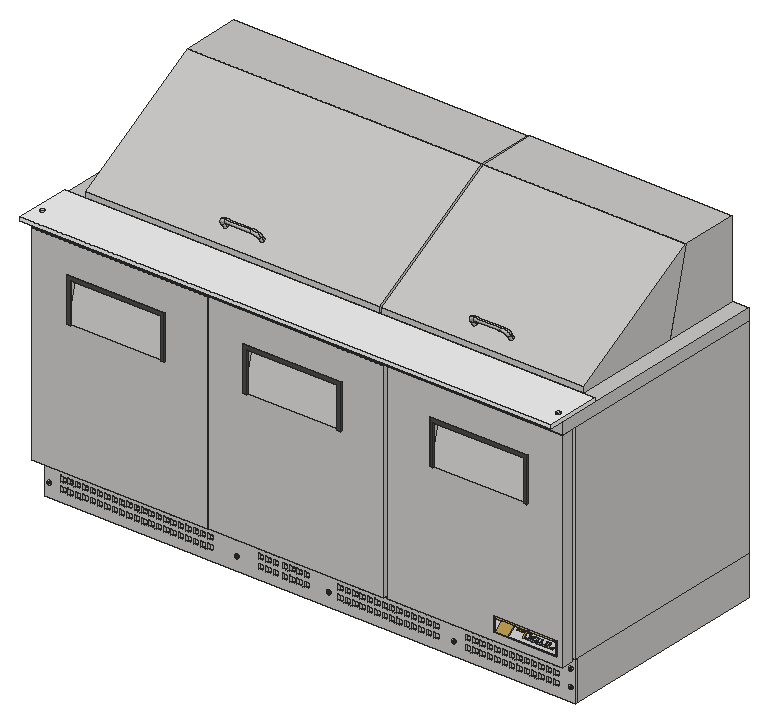
Revit family (continued)
Forms (in)
  Extrusion 65, solid, material "QF_Finishes_Handrails and Railings"
    sketch origin (89.2652, 8.85654, -2.47972) x (0, 1, 0) y (0, 0, -1)
      loop
        line (-29.85761, -5.24546) -> (-27.1095, -5.24546) -> (-27.1095, -5.04886) -> (-29.85761, -5.04886) -> (-29.85761, -5.24546)
    from 49.10625 to 50.45625
  Extrusion 66, solid, material "QF_Finishes_Handrails and Railings"
    sketch origin (41.48395, 10.51279, -2.21999) x (0, 1, 0) y (0, 0, -1)
      loop
        line (-31.51386, -4.98574) -> (-28.76575, -4.98574) -> (-28.76575, -3.40024)
        arc (-28.76575, -3.40024) -> (-29.21858, -2.8289) -> (-29.89421, -3.10275) r 0.60806
        line (-29.89421, -3.10275) -> (-31.17057, -4.78914) -> (-31.51386, -4.78914) -> (-31.51386, -4.98574)
    from 1.175 to 1.325
  Extrusion 67, solid, material "QF_Finishes_Handrails and Railings"
    sketch origin (37.48395, 10.51279, -2.21999) x (0, 1, 0) y (0, 0, 1)
      loop
        line (-31.51386, 4.98574) -> (-31.51386, 4.78914) -> (-31.17057, 4.78914) -> (-29.89421, 3.10275)
        arc (-29.89421, 3.10275) -> (-29.21858, 2.8289) -> (-28.76575, 3.40024) r 0.60806
        line (-28.76575, 3.40024) -> (-28.76575, 4.98574) -> (-31.51386, 4.98574)
    from 1.175 to 1.325
  Revolve 68, solid, material "QF_Finishes_Black"
    sketch origin (30.76401, -42.04829, 0.25) x (1, 0, 0) y (0, 0, 1)
      loop
        line (2.62908, 2.14592) -> (2.525, 2.25) -> (1.475, 2.25) -> (1.375, 2.15) -> (1.375, 1.10871) -> (1.05969, 1.10871) -> (1.05969, 1) -> (2.94031, 1) -> (2.94031, 1.10871) -> (2.62908, 1.10871) -> (2.62908, 2.14592)
      axis (2.94031, 1) -> (1.05969, 1)
    angle from 0 to 360
  Revolve 69, solid, material "QF_Finishes_Chrome - Satin"
    sketch origin (30.76605, -42.79776, -2.97972) x (1, 0, 0) y (0, 0, 1)
      loop
        line (2, 5.74546) -> (2, 5.97972) -> (0.70293, 5.97972) -> (0.70293, 5.74546) -> (2, 5.74546)
      axis (2, 5.74546) -> (2, 5.97972)
    angle from 0 to 360
  Extrusion 70, solid, material "QF_Finishes_Handrails and Railings"
    sketch origin (-17.0152, -14.33096, -2.47972) x (0, 1, 0) y (0, 0, 1)
      loop
        line (-29.85761, 5.24546) -> (-29.85761, 5.04886) -> (-27.1095, 5.04886) -> (-27.1095, 5.24546) -> (-29.85761, 5.24546)
    from 49.10625 to 50.45625
  Extrusion 71, solid, material "QF_Finishes_Handrails and Railings"
    sketch origin (30.76605, -12.67471, -2.21999) x (0, 1, 0) y (0, 0, 1)
      loop
        line (-31.51386, 4.98574) -> (-31.51386, 4.78914) -> (-31.17057, 4.78914) -> (-29.89421, 3.10275)
        arc (-29.89421, 3.10275) -> (-29.21858, 2.8289) -> (-28.76575, 3.40024) r 0.60806
        line (-28.76575, 3.40024) -> (-28.76575, 4.98574) -> (-31.51386, 4.98574)
    from 1.175 to 1.325
  Extrusion 72, solid, material "QF_Finishes_Handrails and Railings"
    sketch origin (34.76605, -12.67471, -2.21999) x (0, 1, 0) y (0, 0, -1)
      loop
        line (-31.51386, -4.98574) -> (-28.76575, -4.98574) -> (-28.76575, -3.40024)
        arc (-28.76575, -3.40024) -> (-29.21858, -2.8289) -> (-29.89421, -3.10275) r 0.60806
        line (-29.89421, -3.10275) -> (-31.17057, -4.78914) -> (-31.51386, -4.78914) -> (-31.51386, -4.98574)
    from 1.175 to 1.325
  Revolve 73, solid, material "QF_Finishes_Black"
    sketch origin (30.76401, -18.86079, 0.25) x (1, 0, 0) y (0, 0, 1)
      loop
        line (2.62908, 2.14592) -> (2.525, 2.25) -> (1.475, 2.25) -> (1.375, 2.15) -> (1.375, 1.10871) -> (1.05969, 1.10871) -> (1.05969, 1) -> (2.94031, 1) -> (2.94031, 1.10871) -> (2.62908, 1.10871) -> (2.62908, 2.14592)
      axis (2.94031, 1) -> (1.05969, 1)
    angle from 0 to 360
  Revolve 74, solid, material "QF_Finishes_Chrome - Satin"
    sketch origin (30.76605, -19.61026, -2.97972) x (1, 0, 0) y (0, 0, 1)
      loop
        line (2, 5.74546) -> (2, 5.97972) -> (0.70293, 5.97972) -> (0.70293, 5.74546) -> (2, 5.74546)
      axis (2, 5.74546) -> (2, 5.97972)
    angle from 0 to 360
  Extrusion 75, solid, material "QF_Finishes_Handrails and Railings"
    sketch origin (-17.0152, 8.85654, -2.47972) x (0, 1, 0) y (0, 0, 1)
      loop
        line (-29.85761, 5.24546) -> (-29.85761, 5.04886) -> (-27.1095, 5.04886) -> (-27.1095, 5.24546) -> (-29.85761, 5.24546)
    from 49.10625 to 50.45625
  Extrusion 76, solid, material "QF_Finishes_Handrails and Railings"
    sketch origin (30.76605, 10.51279, -2.21999) x (0, 1, 0) y (0, 0, 1)
      loop
        line (-31.51386, 4.98574) -> (-31.51386, 4.78914) -> (-31.17057, 4.78914) -> (-29.89421, 3.10275)
        arc (-29.89421, 3.10275) -> (-29.21858, 2.8289) -> (-28.76575, 3.40024) r 0.60806
        line (-28.76575, 3.40024) -> (-28.76575, 4.98574) -> (-31.51386, 4.98574)
    from 1.175 to 1.325
  Extrusion 77, solid, material "QF_Finishes_Handrails and Railings"
    sketch origin (34.76605, 10.51279, -2.21999) x (0, 1, 0) y (0, 0, -1)
      loop
        line (-31.51386, -4.98574) -> (-28.76575, -4.98574) -> (-28.76575, -3.40024)
        arc (-28.76575, -3.40024) -> (-29.21858, -2.8289) -> (-29.89421, -3.10275) r 0.60806
        line (-29.89421, -3.10275) -> (-31.17057, -4.78914) -> (-31.51386, -4.78914) -> (-31.51386, -4.98574)
    from 1.175 to 1.325
Cuts and joins
  joined: Extrusion 4, Extrusion 5
Lines and regions (in)
  symbolic lines
    curve 1: line (0, -16.5, 0) -> (72.125, -16.5, 0)
    curve 2: line (0, -50.03125, 0) -> (0, -16.5, 0)
    curve 3: line (72.125, -50.03125, 0) -> (0, -50.03125, 0)
    curve 4: line (72.125, -16.5, 0) -> (72.125, -50.03125, 0)
    curve 5: line (72.125, -42.53125, 0) -> (0, -42.53125, 0)
    curve 6: line (2.31237, -41.71875, 0) -> (69.875, -41.71875, 0)
    curve 7: line (2.31237, -16.5, 0) -> (2.31237, -41.71875, 0)
    curve 8: line (69.875, -41.71875, 0) -> (69.875, -16.5, 0)
    curve 9: line (69.875, -24.34375, 0) -> (2.31237, -24.34375, 0)
    curve 10: line (19.93557, -39.73092, 0) -> (19.93557, -40.15076, 0)
    curve 11: line (20.32059, -40.29072, 0) -> (24.03934, -40.29072, 0)
    curve 12: arc (19.93557, -40.15076, 0) -> (20.11576, -40.25465, 0) -> (20.32059, -40.29072, 0) r 0.59956
    curve 13: arc (24.42435, -40.15076, 0) -> (24.24417, -40.25465, 0) -> (24.03934, -40.29072, 0) r 0.59956
    curve 14: line (24.42435, -39.73092, 0) -> (24.42435, -40.15076, 0)
    curve 15: arc (24.42435, -39.73092, 0) -> (24.67408, -39.52766, 0) -> (24.92382, -39.73092, 0) r 0.25505
    curve 16: arc (19.93557, -39.73092, 0) -> (19.68584, -39.52766, 0) -> (19.43611, -39.73092, 0) r 0.25505
    curve 17: line (19.43611, -39.73092, 0) -> (19.43611, -40.16593, 0)
    curve 18: arc (19.43611, -40.16593, 0) -> (19.49713, -40.40944, 0) -> (19.66576, -40.59539, 0) r 0.51637
    curve 19: arc (19.66576, -40.59539, 0) -> (19.99938, -40.74999, 0) -> (20.36422, -40.79567, 0) r 1.19313
    curve 20: line (20.36422, -40.79567, 0) -> (24.06766, -40.79567, 0)
    curve 21: line (24.92382, -39.73092, 0) -> (24.92382, -40.16593, 0)
    curve 22: arc (24.92382, -40.16593, 0) -> (24.8628, -40.40944, 0) -> (24.69416, -40.59539, 0) r 0.51637
    curve 23: arc (24.69416, -40.59539, 0) -> (24.39498, -40.73955, 0) -> (24.06766, -40.79567, 0) r 1.19313
    curve 24: circle (1, -47.5255, 0) r 0.25 normal (0, 0, 1)
    curve 43: line (58.24439, -39.75557, 0) -> (58.24439, -40.17542, 0)
    curve 44: line (57.85938, -40.31537, 0) -> (54.14063, -40.31537, 0)
    curve 45: arc (58.24439, -40.17542, 0) -> (58.06421, -40.2793, 0) -> (57.85938, -40.31537, 0) r 0.59956
    curve 46: arc (53.75561, -40.17542, 0) -> (53.93579, -40.2793, 0) -> (54.14063, -40.31537, 0) r 0.59956
    curve 47: line (53.75561, -39.75557, 0) -> (53.75561, -40.17542, 0)
    curve 48: arc (53.75561, -39.75557, 0) -> (53.50588, -39.55231, 0) -> (53.25614, -39.75557, 0) r 0.25505
    curve 49: arc (58.24439, -39.75557, 0) -> (58.49412, -39.55231, 0) -> (58.74386, -39.75557, 0) r 0.25505
    curve 50: line (58.74386, -39.75557, 0) -> (58.74386, -40.19059, 0)
    curve 51: arc (58.74386, -40.19059, 0) -> (58.68284, -40.43409, 0) -> (58.5142, -40.62004, 0) r 0.51637
    curve 52: arc (58.5142, -40.62004, 0) -> (58.18059, -40.77465, 0) -> (57.81574, -40.82032, 0) r 1.19313
    curve 53: line (57.81574, -40.82032, 0) -> (54.1123, -40.82032, 0)
    curve 54: line (53.25614, -39.75557, 0) -> (53.25614, -40.19059, 0)
    curve 55: arc (53.25614, -40.19059, 0) -> (53.31716, -40.43409, 0) -> (53.4858, -40.62004, 0) r 0.51637
    curve 56: arc (53.4858, -40.62004, 0) -> (53.78498, -40.76421, 0) -> (54.1123, -40.82032, 0) r 1.19313
    curve 57: line (42.1875, -16.5, 0) -> (42.1875, -41.71875, 0)
  symbolic lines, style "SpecialityEquipmentHiddenLines"
    curve 25: line (3.93527, -17.51233, 0) -> (4.85647, -18.04419, 0)
    curve 26: line (2.68527, -19.67739, 0) -> (3.93527, -17.51233, 0)
    curve 27: line (3.60647, -20.20925, 0) -> (2.68527, -19.67739, 0)
    curve 28: line (4.85647, -18.04419, 0) -> (3.60647, -20.20925, 0)
    curve 29: line (68.77817, -17.51233, 0) -> (69.69937, -18.04419, 0)
    curve 30: line (67.52817, -19.67739, 0) -> (68.77817, -17.51233, 0)
    curve 31: line (68.44937, -20.20925, 0) -> (67.52817, -19.67739, 0)
    curve 32: line (69.69937, -18.04419, 0) -> (68.44937, -20.20925, 0)
    curve 33: line (3.93527, -40.69983, 0) -> (4.85647, -41.23169, 0)
    curve 34: line (2.68527, -42.86489, 0) -> (3.93527, -40.69983, 0)
    curve 35: line (3.60647, -43.39675, 0) -> (2.68527, -42.86489, 0)
    curve 36: line (4.85647, -41.23169, 0) -> (3.60647, -43.39675, 0)
    curve 37: line (68.77817, -40.69983, 0) -> (69.69937, -41.23169, 0)
    curve 38: line (67.52817, -42.86489, 0) -> (68.77817, -40.69983, 0)
    curve 39: line (68.44937, -43.39675, 0) -> (67.52817, -42.86489, 0)
    curve 40: line (69.69937, -41.23169, 0) -> (68.44937, -43.39675, 0)
  symbolic lines, style "QF-Door Swings", detail levels coarse
    curve 41: line (72.125, -50.03125, 0) -> (51.3659, -62.01652, 0)
    curve 42: arc (48.21111, -50.03125, 0) -> (49.22026, -56.17346, 0) -> (51.3659, -62.01652, 0) r 32.96875
    curve 58: line (0.125, -50.03125, 0) -> (20.8841, -62.01652, 0)
    curve 59: arc (24.03889, -50.03125, 0) -> (23.02974, -56.17346, 0) -> (20.8841, -62.01652, 0) r 32.96875
    curve 60: line (24.125, -50.03125, 0) -> (44.8841, -62.01652, 0)
    curve 61: arc (48.03889, -50.03125, 0) -> (47.02974, -56.17346, 0) -> (44.8841, -62.01652, 0) r 32.96875
Dimensions and locks (in)
  plane 3 "LEFT" to plane 4 "RIGHT" = 72 1/8"
  plane 4 "RIGHT" to plane 3 "LEFT" = 72 1/8"  (x2)
  plane 6 "TOP" to level = 46 1/2"
  plane 5 "FRONT" to plane 1 "BACK" = 33 17/32"  (x2)
  Extrusion 1 to Extrusion 1 = 39 31/32"
  Extrusion 2 to plane 1 "BACK" = 7 27/32"
  Extrusion 2 to plane 1 "BACK" = 10 11/16"
  Extrusion 2 to plane 1 "BACK" = 25 7/32"
  plane 6 "TOP" to Extrusion 3 = 10 1/2"
  cut or joined group of Extrusion 4, Extrusion 5 to Extrusion 3 = 33"
  cut or joined group of Extrusion 4, Extrusion 5 to level = 3/4"
  plane 3 "LEFT" to Extrusion 2 = 2 7/32"
  Extrusion 25 to Extrusion 25 = 27 1/2"
  plane 4 "RIGHT" to Extrusion 26 = 2 3/16"
  plane 9 to plane 3 "LEFT" = 72 1/8"
  plane 11 to Extrusion 44 = 22 1/2"
  aligned and locked: level to plane 2
  aligned and locked: Extrusion 1 to Extrusion 2
  aligned and locked: Extrusion 2 to Extrusion 1
  aligned and locked: plane 4 "RIGHT" to Extrusion 3
  aligned: cut or joined group of Extrusion 4, Extrusion 5 to cut or joined group of Extrusion 4, Extrusion 5
  aligned and locked: Extrusion 10 to Extrusion 11  (x4)
  aligned and locked: Extrusion 1 sketch curve to Extrusion 2
  aligned and locked: Extrusion 14 to Revolve 13
  aligned and locked: Revolve 13 to Revolve 13
  aligned and locked: Extrusion 19 to Revolve 18
  aligned and locked: Revolve 18 to Revolve 18
  aligned and locked: Extrusion 25 to Extrusion 26
  aligned and locked: Extrusion 26 to Extrusion 25
  aligned: Extrusion 28 to Extrusion 30  (x2)
  aligned and locked: Extrusion 26 to Extrusion 25 sketch curve
  aligned and locked: Extrusion 35 to Revolve 34
  aligned and locked: Revolve 34 to Revolve 34
  aligned and locked: Extrusion 40 to Revolve 39
  aligned and locked: Revolve 39 to Revolve 39
  aligned and locked: Extrusion 60 to Revolve 59
  aligned and locked: Revolve 59 to Revolve 59
  aligned and locked: Extrusion 65 to Revolve 64
  aligned and locked: Revolve 64 to Revolve 64
  aligned and locked: Extrusion 70 to Revolve 69
  aligned and locked: Revolve 69 to Revolve 69
  aligned and locked: Extrusion 75 to Revolve 74
  aligned and locked: Revolve 74 to Revolve 74
Connectors (in)
  electrical at (69.81237, -16.5, 6.1875), driven by "Volts", driven by "Watts"
    settings: on Extrusion 22, index 1, voltage 115 V, apparent load 586.5 VA, apparent load phase1 0 VA, apparent load phase2 0 VA, apparent load phase3 0 VA, power factor 1, load classification "Other", number of poles 1, system type 30, power factor state 1, is connector primary yes, connector utility no, sub classification motor no, connector description "Electrical Connection"
